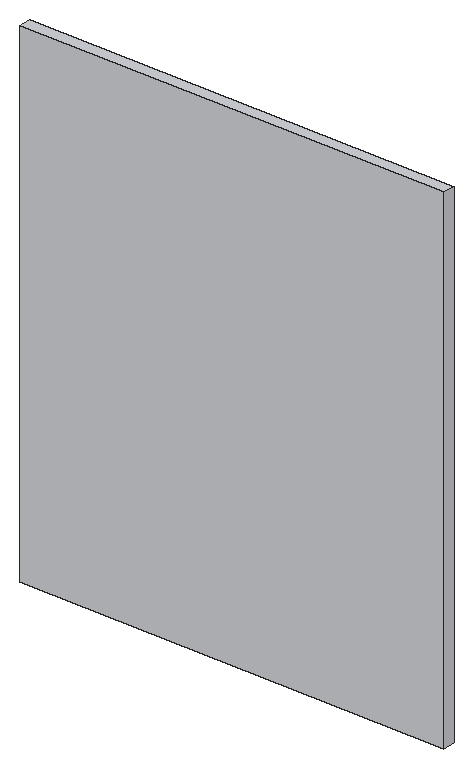
Revit family "Front - Plain", category Casework, Revit 2022
Family settings
  Work Plane-Based = No
  Always vertical = Yes
  Cut with Voids When Loaded = No
  Shared = No
  Room Calculation Point = No
Parameters (values of type "Front - Plain")
  Width = 600 mm
  Swing = yes
  Height = 704 mm
  Front Finish = none
  Depth = 16 mm
  Default Elevation = 0 mm
  Creator Organization [instance] = "© Danish Educational Content"  # constant formula
  Creator Name [instance] = "© Erik Falck Jørgensen"  # constant formula
  Creator Build [instance] = "2018.0420.0"  # constant formula
  Assembly Code = ""
Reference planes
  plane 1 "Front": y = 0
  plane 2: z = 0
  plane 3 "Center (Left/Right)": x = 0
  plane 4: x = -300
  plane 5: x = 300
  plane 6: z = 704
Forms (mm)
  Extrusion 1, solid, material <- "Front Finish"
    sketch origin (0, 0, 0) x (1, 0, 0) y (0, 0, 1)
      loop
        line (-297, 701) -> (-297, 3) -> (297, 3) -> (297, 701) -> (-297, 701)
    from 0 to 16 <- "Depth"
Lines and regions (mm)
  reference lines
    curve 1: line (-300, 0, 0) -> (392.82, -400, 0)
  symbolic lines, style "Elevation Swing", visible <- "Swing"
    curve 2: line (-300, 0, 0) -> (219.615, -300, 0)
    curve 3: arc (300, 0, 0) -> (279.555, -155.291, 0) -> (219.615, -300, 0) r 600
Dimensions and locks
  equal spacing: plane 4, plane 3 "Center (Left/Right)", plane 5
  "Width": plane 4 to plane 5
  "Height": plane 6 to plane 2
  locked: Extrusion 1 sketch curve to plane 2 at 3
  locked: plane 6 to Extrusion 1 sketch curve at 3
  locked: Extrusion 1 sketch curve to plane 4 at 3
  locked: plane 5 to Extrusion 1 sketch curve at 3
  locked: curve 1 to plane 1 "Front" (angle 30.00°)
  aligned and locked: level to plane 2
  aligned and locked: curve 2 to curve 1
Automatic sketch dimensions
  plane 1 "Front" to curve 1 = 0 mm
  curve 1 to plane 4 = 0 mm
  plane 1 "Front" to curve 3 = 0 mm
  curve 3 to plane 4 = 0 mm
  plane 1 "Front" to curve 2 = 0 mm
  curve 3 to plane 5 = 0 mm
